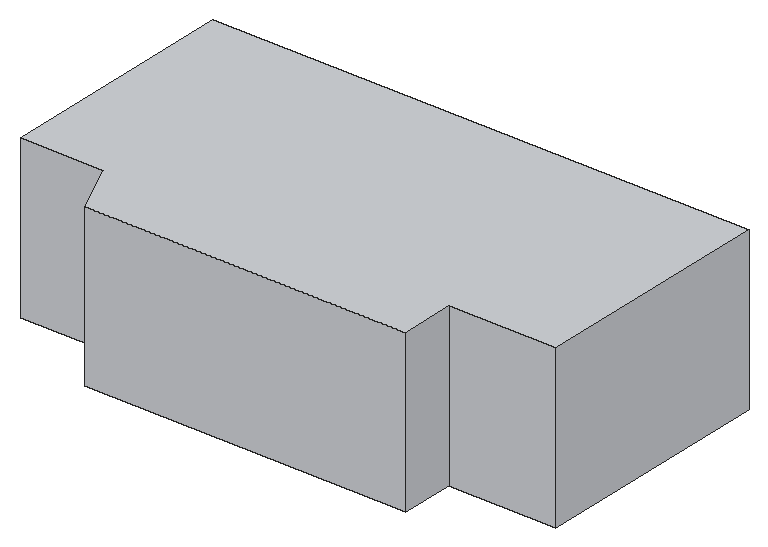
Revit family "M_Rectangular Tee - Beveled", category Duct Fittings, Revit 2014
Parameters (values of type "Standard")
  Length 6 [instance] = Shoulder Length / 2  # 100 mm
  Length 1 [instance] = (Length 6) * tan(Angle) + Duct Width 3 / 2  # 346.631 mm
  Duct Width 3 [instance] = 600 mm
  Duct Width 1 [instance] = 450 mm
  Shoulder Length [instance] = 200 mm
  Half Width 1 [instance] = Duct Width 1 / 2  # 225 mm
  Duct Length 3 [instance] = Duct Width 1 / 2 + Length 6  # 325 mm
  Half Width 3 [instance] = Duct Width 3 / 2  # 300 mm
  Duct Length 1 [instance] = Half Width 3 + Shoulder Length  # 500 mm
  Duct Height [instance] = 300 mm
  Assembly Code = ""
  Angle [instance] = 25.00°
Reference planes
  plane 1 "Center (Front/Back)": y = 0
  plane 2: z = 0
  plane 3 "Center (Left/Right)": x = 0
  plane 4: x = -500
  plane 5: x = 500
  plane 6: y = -325
  plane 7: x = -300
  plane 8: x = 300
  plane 9: x = -346.631
  plane 10: x = 346.631
  plane 11: z = 150
  plane 12: z = -150
  plane 13: y = -225
Forms (mm)
  Sweep 1, solid, detail levels medium+fine
    path in 3D
      loop
        line (-500, 0, 0) -> (0, 0, 0)
    profile "M_Duct - Rectangular : Duct - Rectangular 1" origin (-250, 0, 0) x (0, 1, 0) y (0, 0, 1)
      loop
        line (-225, 150) -> (-225, -150) -> (225, -150) -> (225, 150) -> (-225, 150)
  Sweep 2, solid, detail levels medium+fine
    path in 3D
      loop
        line (0, 0, 0) -> (500, 0, 0)
    profile "M_Duct - Rectangular : Duct - Rectangular 1" origin (250, 0, 0) x (0, 1, 0) y (0, 0, 1)
      loop
        line (-225, 150) -> (-225, -150) -> (225, -150) -> (225, 150) -> (-225, 150)
  Blend 3, solid, detail levels medium+fine
    base sketch origin (-643.049, -325, 1219.2) x (-1, 0, 0) y (0, 0, 1)
      loop
        line (-343.049, -1069.2) -> (-943.049, -1069.2) -> (-943.049, -1369.2) -> (-343.049, -1369.2) -> (-343.049, -1069.2)
    top sketch origin (-643.049, -325, 1219.2) x (-1, 0, 0) y (0, 0, 1)
      loop
        line (-296.418, -1069.2) -> (-943.049, -1069.2) -> (-943.049, -1369.2) -> (-296.418, -1369.2) -> (-296.418, -1069.2)
    from 0 to 100
Cuts and joins
  joined: Sweep 1, Sweep 2, Blend 3
Lines and regions (mm)
  reference lines
    curve 1: line (-500, 0, 0) -> (0, 0, 0)
    curve 2: line (0, 0, 0) -> (500, 0, 0)
    curve 3: line (0, 0, 0) -> (0, -325, 0)
  sketch lines
    curve 4: line (-500, 0, 0) -> (0, 0, 0)
    curve 5: line (0, 0, 0) -> (500, 0, 0)
  model lines, style "DuctFitting", detail levels coarse
    curve 6: line (-500, 0, 0) -> (0, 0, 0)
    curve 7: line (0, 0, 0) -> (500, 0, 0)
    curve 8: line (0, 0, 0) -> (0, -325, 0)
Dimensions and locks
  equal spacing: plane 4, plane 3 "Center (Left/Right)", plane 5
  "Duct Length 1": plane 4 to plane 3 "Center (Left/Right)"
  "Duct Length 3": plane 6 to plane 1 "Center (Front/Back)"
  equal spacing: plane 7, plane 3 "Center (Left/Right)", plane 8
  "Duct Width 3": plane 7 to plane 8
  equal spacing: plane 9, plane 3 "Center (Left/Right)", plane 10
  "Length 1": plane 9 to plane 3 "Center (Left/Right)"
  equal spacing: plane 11, level, plane 12
  "Duct Height": plane 11 to plane 12
  "Half Width 1": plane 1 "Center (Front/Back)" to plane 13
  aligned and locked: plane 3 "Center (Left/Right)" to curve 1
  aligned and locked: plane 4 to curve 1
  aligned and locked: plane 1 "Center (Front/Back)" to curve 1
  aligned and locked: plane 5 to curve 2
  aligned and locked: plane 1 "Center (Front/Back)" to curve 2
  aligned and locked: plane 6 to curve 3
  aligned and locked: curve 6 to curve 1
  aligned and locked: curve 7 to curve 2
  aligned and locked: curve 8 to curve 3
  aligned and locked: Blend 3 sketch curve to plane 11  (x2)
  aligned and locked: plane 12 to Blend 3 sketch curve  (x2)
  aligned and locked: plane 7 to Blend 3 sketch curve
  aligned and locked: Blend 3 sketch curve to plane 8  (x2)
  aligned and locked: plane 9 to Blend 3 sketch curve
  aligned and locked: Blend 3 to plane 6
  aligned and locked: plane 5 to curve 7
  aligned and locked: plane 13 to Blend 3
Automatic sketch dimensions
  curve 6 to plane 4 = 0 mm
  curve 8 to plane 6 = 0 mm
Connectors
  hvac at (-500, 0, 0), driven by "Duct Height", driven by "Duct Width 1"
    settings: on cut or joined group of Sweep 1, Sweep 2, Blend 3, index 1, duct flow 0.0 L/s, flow factor 0, pres drop 0.0 Pa, loss coef 0, conn angle 0.00°, conn width 450 mm, conn height 300 mm, conn diameter 609.6 mm, duct sys type 28, conn prof type 1, flow config 0, flow direction 0, loss method 0, conn ref index 2, conn util no, is conn primary yes, conn desc ""
  hvac at (500, 0, 0), driven by "Duct Height", driven by "Duct Width 1"
    settings: on cut or joined group of Sweep 1, Sweep 2, Blend 3, index 2, duct flow 0.0 L/s, flow factor 0, pres drop 0.0 Pa, loss coef 0, conn angle 0.00°, conn width 450 mm, conn height 300 mm, conn diameter 609.6 mm, duct sys type 28, conn prof type 1, flow config 0, flow direction 0, loss method 0, conn ref index 1, conn util no, is conn primary no, conn desc ""
  hvac at (0, -325, 0), driven by "Duct Height", driven by "Duct Width 3"
    settings: on cut or joined group of Sweep 1, Sweep 2, Blend 3, index 3, duct flow 0.0 L/s, flow factor 0, pres drop 0.0 Pa, loss coef 0, conn angle 0.00°, conn width 600 mm, conn height 300 mm, conn diameter 609.6 mm, duct sys type 28, conn prof type 1, flow config 0, flow direction 0, loss method 0, conn ref index -1, conn util no, is conn primary no, conn desc ""
